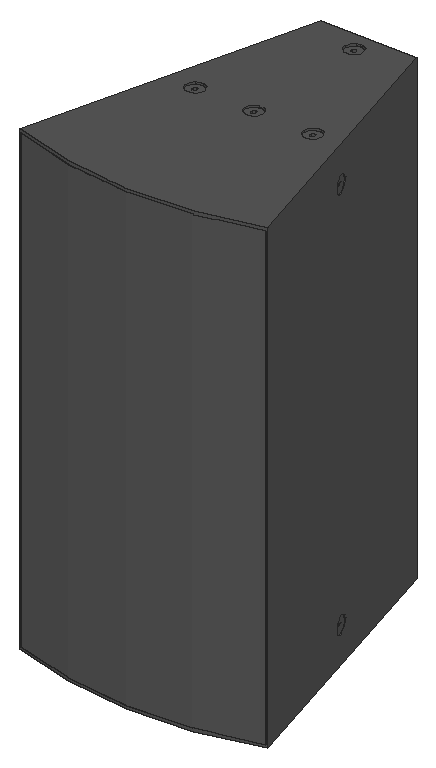
Revit family "1Electronics_Community-Point-Source_Biamp_Loudspeaker_IP6_1152", category Communication Devices, host Face, Revit 2020
Family settings
  Host = Face
  Maintain Annotation Orientation = No
  Round Connector Dimension = Use Diameter
  Part Type = Normal
  OmniClass Number = 23.85.10.11.14.14.14
  Cut with Voids When Loaded = No
  Shared = No
  Room Calculation Point = No
Parameters (values of type "Please download type catalogue!")
  Width = 1' - 4 1/2"  # constant formula
  Weight = 79.00 lbf  # constant formula
  URL = "https://www.biamp.com/"
  Transducers = "LF 1 x 15 (381mm) ferrite driver, 3 (76mm) voice coil; HF 1 x 1.4 (36mm) exit, 3 (76mm) voice coil, hybrid titanium polyimide diaphragm, ferrite compression driver"  # constant formula
  Shipping Weight = 92.00 lbf  # constant formula
  Recommended Amplifiers = "LF - 500W - 1000W @ 8 ohms, (63V - 89V); HF - 75W - 150W @ 8 ohms (24V - 35V)"  # constant formula
  Product data url = "https://www.bimobject.com/biamp/product/ip6-1152_community-point-source"
  Product Page URL = "https://www.biamp.com/products/product-families/community/point-source#ip6-1152"
  Product Documentation Link = ""
  Operating Range = ""
  Operating Mode = "Passive or Biamp with DSP"  # constant formula
  Operating Environment = "Indoor"  # constant formula
  Nominal Sensitivity = ""
  Nominal Maximum SPL (Whole Space) = ""
  Nominal Beamwidth (H x V) = ""
  Mounting Points = "15"  # constant formula
  Model = ""
  Manufacturer = "Biamp"  # constant formula
  Input Connection = "Screw terminal blocks (6-position)"  # constant formula
  Housing Material = Biamp - Plastic - Black
  Height = 2' - 6 205/256"  # constant formula
  Gril Material = Biamp - Plastic - Black(Grid)
  Equalized Sensitivity = "1W: 95 dB - 2.83V: 95 dB"  # constant formula
  Equalized Maximum SPL = "Peak: 129 dB - Continuous: 123 dB"  # constant formula
  Environmental = "MIL-STD-810G"  # constant formula
  Description = "IP6-1152 Medium Power 15-Inch Two-Way Installation Loudspeaker"  # constant formula
  Depth = 1' - 8 9/128"  # constant formula
  Default Elevation = 4' - 0"
  Continuous Power Handling  Nominal Impedance = "LF - 63V, 500W @ 8 ohms (2000W peak); HF - 24V, 75W @ 8 ohms (300W peak)"  # constant formula
Reference planes (in)
  plane 1 "Center (Front/Back)": y = 0
  plane 2: z = 0
  plane 3 "Center (Left/Right)": x = 0
  plane 4: y = 9.59333
Forms (in)
  Extrusion 1, solid, material "Biamp - Plastic - Black" <- "Housing Material", detail levels medium+fine
    sketch origin (0.06114, 0, 0) x (1, 0, 0) y (0, 1, 0)
      loop
        arc (-8.31114, -9.03386) -> (-0.07469, -10.47654) -> (8.18886, -9.19819) r 25.69511
        line (8.18886, -9.19819) -> (3.02372, 9.59333) -> (-3.34569, 9.59333) -> (-8.31114, -9.03386)
    from 0 to 30.79921
  Extrusion 2, void
    sketch origin (0.06114, -0.40824, 0) x (1, 0, 0) y (0, 1, 0)
      loop
        arc (8.0444, -8.63001) -> (-0.06191, -9.87156) -> (-8.14306, -8.47566) r 25.49826
        line (-8.14306, -8.47566) -> (-8.19568, -8.66575)
        arc (-8.19568, -8.66575) -> (-0.06099, -10.06843) -> (8.09869, -8.81934) r 25.69511
        line (8.09869, -8.81934) -> (8.0444, -8.63001)
    from 0.19685 to 30.60236
  Extrusion 3, void
    sketch origin (0, 0, 0) x (1, 0, 0) y (0, 1, 0)
      loop
        circle (-3.88574, 0) r 0.59055
      loop
        circle (0, 0) r 0.59055
      loop
        circle (3.88574, 0) r 0.59055
      loop
        circle (0, 8.26772) r 0.59055
    from 30.79921 to 30.70079
  Extrusion 4, void
    sketch origin (0, 0, 0) x (1, 0, 0) y (0, 1, 0)
      loop
        circle (-3.88574, 0) r 0.15748
      loop
        circle (0, 0) r 0.15748
      loop
        circle (3.88574, 0) r 0.15748
      loop
        circle (0, 8.26772) r 0.15748
    from 30.48425 to 30.70079
  Extrusion 5, void
    sketch origin (3.4754, 8.1725, -0.11969) x (-0.265036, 0.964239, 0) y (0, 0, -1)
      loop
        circle (-8.43473, -2.47439) r 0.59055
      loop
        circle (-8.43473, -28.5642) r 0.59055
    from 0 to 0.09843
  Extrusion 6, void
    sketch origin (3.4754, 8.1725, -0.11969) x (-0.265036, 0.964239, 0) y (0, 0, -1)
      loop
        circle (-8.43473, -2.47439) r 0.15748
      loop
        circle (-8.43473, -28.5642) r 0.15748
    from 0.09843 to 0.19685
  Extrusion 7, void
    sketch origin (-8.00858, -8.1282, -0.01138) x (-0.257575, -0.966258, 0) y (0, 0, -1)
      loop
        circle (-8.58908, -2.3454) r 0.59055
      loop
        circle (-8.58908, -28.47658) r 0.59055
    from 0 to 0.09843
  Extrusion 8, void
    sketch origin (-8.00858, -8.1282, -0.01138) x (-0.257575, -0.966258, 0) y (0, 0, -1)
      loop
        circle (-8.58908, -2.3454) r 0.15748
      loop
        circle (-8.58908, -28.47658) r 0.15748
    from 0.09843 to 0.19685
  Extrusion 9, solid, material "Biamp - Plastic - Black(Grid)" <- "Gril Material", detail levels medium+fine
    sketch origin (0.06114, 0, 0) x (1, 0, 0) y (0, 1, 0)
      loop
        line (8.09869, -9.22759) -> (8.0444, -9.03825)
        arc (8.0444, -9.03825) -> (-0.06191, -10.27981) -> (-8.14306, -8.8839) r 25.49826
        line (-8.14306, -8.8839) -> (-8.19568, -9.07399)
        arc (-8.19568, -9.07399) -> (-0.06099, -10.47667) -> (8.09869, -9.22759) r 25.69511
    from 0.19685 to 30.60236
  Extrusion 10, void
    sketch origin (-2.59558, 9.59333, 0) x (-1, 0, 0) y (0, 0, -1)
      loop
        circle (-2.65672, -14.34419) r 0.59055
      loop
        circle (-2.65672, -2.39197) r 0.59055
      loop
        circle (-2.65672, -28.40725) r 0.59055
    from 0 to 0.09843
  Extrusion 11, void
    sketch origin (-2.59558, 9.59333, 0) x (-1, 0, 0) y (0, 0, -1)
      loop
        circle (-2.65672, -14.34419) r 0.15748
      loop
        circle (-2.65672, -2.39197) r 0.15748
      loop
        circle (-2.65672, -28.40725) r 0.15748
    from 0 to 0.19685
  Extrusion 12, void
    sketch origin (-2.59558, 9.59333, 0) x (-1, 0, 0) y (0, 0, -1)
      loop
        line (-4.83035, -12.09383) -> (-0.49964, -12.09383) -> (-0.49964, -5.00722) -> (-4.83035, -5.00722) -> (-4.83035, -12.09383)
    from 0 to 0.19685
  Extrusion 13, solid, material "Biamp - Plastic - Black" <- "Housing Material", detail levels medium+fine
    sketch origin (-2.59558, 9.59333, 0) x (1, 0, 0) y (0, 0, -1)
      loop
        line (0.49964, -12.09383) -> (4.83035, -12.09383) -> (4.83035, -5.00722) -> (0.49964, -5.00722) -> (0.49964, -12.09383)
    from 0 to -0.19685
  Extrusion 14, solid, material "Biamp - Plastic - Black" <- "Housing Material", detail levels coarse
    sketch origin (0.06114, 0, 0) x (1, 0, 0) y (0, 1, 0)
      loop
        line (-3.34569, 9.59333) -> (-8.31114, -9.03386)
        arc (-8.31114, -9.03386) -> (-0.07469, -10.47654) -> (8.18886, -9.19819) r 25.69511
        line (8.18886, -9.19819) -> (3.02372, 9.59333) -> (-3.34569, 9.59333)
    from 0 to 30.79921
  Extrusion 15, solid, material "Biamp - Plastic - Black" <- "Housing Material", detail levels medium+fine
    sketch origin (-2.59558, 9.59333, 0) x (1, 0, 0) y (0, 0, -1)
      loop
        line (4.46661, -11.73413) -> (4.46661, -11.23413) -> (3.96661, -11.23413) -> (3.96661, -11.73413) -> (4.46661, -11.73413)
    from 0 to 0.00716
  Extrusion 16, solid, material "Biamp - Plastic - Black" <- "Housing Material", detail levels medium+fine
    sketch origin (-3.70994, 9.59333, -1) x (1, 0, 0) y (0, 0, -1)
      loop
        line (4.46661, -11.73413) -> (4.46661, -11.23413) -> (3.96661, -11.23413) -> (3.96661, -11.73413) -> (4.46661, -11.73413)
    from 0 to 0.00716
  Extrusion 17, solid, material "Biamp - Plastic - Black" <- "Housing Material", detail levels medium+fine
    sketch origin (-2.59558, 9.59333, -1) x (1, 0, 0) y (0, 0, -1)
      loop
        line (4.46661, -11.73413) -> (4.46661, -11.23413) -> (3.96661, -11.23413) -> (3.96661, -11.73413) -> (4.46661, -11.73413)
    from 0 to 0.00716
Cuts and joins
  Extrusion 2, Extrusion 3, Extrusion 4, Extrusion 5, Extrusion 6, Extrusion 7, Extrusion 8, Extrusion 10, Extrusion 11, Extrusion 12 cuts Extrusion 1
Lines and regions (in)
  Masking region 1
    outline origin (0.06114, 0, 0) x (1, 0, 0) y (0, 1, 0)
      loop
        line (-3.34569, 9.59333) -> (-8.31114, -9.03386)
        arc (-8.31114, -9.03386) -> (-0.07469, -10.47654) -> (8.18886, -9.19819) r 25.69511
        line (8.18886, -9.19819) -> (3.02372, 9.59333) -> (-3.34569, 9.59333)
  Masking region 2
    outline origin (0, 0, 0) x (1, 0, 0) y (0, 0, 1)
      loop
        line (-8.38193, 30.79921) -> (-8.38193, 0) -> (8.28586, 0) -> (8.28586, 30.79921) -> (-8.38193, 30.79921)
  Masking region 3, detail levels medium+fine
    outline origin (0, 0, 0) x (1, 0, 0) y (0, 0, 1)
      loop
        line (-8.19568, 30.60236) -> (-8.19568, 0.19685) -> (8.09869, 0.19685) -> (8.09869, 30.60236) -> (-8.19568, 30.60236)
  Masking region 4
    outline origin (0, 0, 0) x (0, 1, 0) y (0, 0, 1)
      loop
        line (9.59333, 30.79921) -> (-8.47566, 30.79921) -> (-8.47566, 0) -> (9.59333, 0) -> (9.59333, 30.79921)
  Masking region 5
    outline origin (0, 0, 0) x (0, 1, 0) y (0, 0, 1)
      loop
        line (-8.47566, 30.79921) -> (-10.07048, 30.79921) -> (-10.07048, 0) -> (-8.47566, 0) -> (-8.47566, 30.79921)
  symbolic lines, detail levels medium+fine
    curve 1: arc (-0.59055, 8.26772, 0) -> (0, 7.67717, 0) -> (0.59055, 8.26772, 0) r 0.59055
    curve 2: arc (0.59055, 8.26772, 0) -> (0, 8.85827, 0) -> (-0.59055, 8.26772, 0) r 0.59055
    curve 3: arc (-0.59055, 0, 0) -> (0, -0.59055, 0) -> (0.59055, 0, 0) r 0.59055
    curve 4: arc (0.59055, 0, 0) -> (0, 0.59055, 0) -> (-0.59055, 0, 0) r 0.59055
    curve 5: arc (-3.29519, 0, 0) -> (-3.88574, 0.59055, 0) -> (-4.47629, 0, 0) r 0.59055
    curve 6: arc (-4.47629, 0, 0) -> (-3.88574, -0.59055, 0) -> (-3.29519, 0, 0) r 0.59055
    curve 7: arc (3.29519, 0, 0) -> (3.88574, -0.59055, 0) -> (4.47629, 0, 0) r 0.59055
    curve 8: arc (4.47629, 0, 0) -> (3.88574, 0.59055, 0) -> (3.29519, 0, 0) r 0.59055
    curve 9: arc (-0.15748, 0, 0) -> (0, -0.15748, 0) -> (0.15748, 0, 0) r 0.15748
    curve 10: arc (0.15748, 0, 0) -> (0, 0.15748, 0) -> (-0.15748, 0, 0) r 0.15748
    curve 11: arc (-4.04322, 0, 0) -> (-3.88574, -0.15748, 0) -> (-3.72826, 0, 0) r 0.15748
    curve 12: arc (-3.72826, 0, 0) -> (-3.88574, 0.15748, 0) -> (-4.04322, 0, 0) r 0.15748
    curve 13: arc (4.04322, 0, 0) -> (3.88574, 0.15748, 0) -> (3.72826, 0, 0) r 0.15748
    curve 14: arc (3.72826, 0, 0) -> (3.88574, -0.15748, 0) -> (4.04322, 0, 0) r 0.15748
    curve 15: arc (0.15748, 8.26772, 0) -> (0, 8.4252, 0) -> (-0.15748, 8.26772, 0) r 0.15748
    curve 16: arc (-0.15748, 8.26772, 0) -> (0, 8.11024, 0) -> (0.15748, 8.26772, 0) r 0.15748
    curve 17: spline (0, -0.55086, 2.33402) -> (0, -0.53146, 2.48687) -> (0, -0.4746, 2.62929) -> (0, -0.38416, 2.7516) -> (0, -0.26628, 2.84545) -> (0, -0.12901, 2.90445) -> (0, 0.01829, 2.92457) -> (0, 0.1656, 2.90445) -> (0, 0.30287, 2.84545) -> (0, 0.42074, 2.7516) -> (0, 0.51119, 2.62929) -> (0, 0.56805, 2.48687) -> (0, 0.58744, 2.33402)
    curve 18: spline (0, 0.58744, 2.33402) -> (0, 0.56805, 2.18117) -> (0, 0.51119, 2.03874) -> (0, 0.42074, 1.91644) -> (0, 0.30287, 1.82259) -> (0, 0.1656, 1.76359) -> (0, 0.01829, 1.74347) -> (0, -0.12901, 1.76359) -> (0, -0.26628, 1.82259) -> (0, -0.38416, 1.91644) -> (0, -0.4746, 2.03874) -> (0, -0.53146, 2.18117) -> (0, -0.55086, 2.33402)
    curve 19: spline (0, 0.14381, 2.33402) -> (0, 0.13864, 2.29326) -> (0, 0.12347, 2.25528) -> (0, 0.09936, 2.22266) -> (0, 0.06792, 2.19764) -> (0, 0.03132, 2.18191) -> (0, -0.00796, 2.17654) -> (0, -0.04725, 2.18191) -> (0, -0.08385, 2.19764) -> (0, -0.11528, 2.22266) -> (0, -0.1394, 2.25528) -> (0, -0.15457, 2.29326) -> (0, -0.15974, 2.33402)
    curve 20: spline (0, -0.15974, 2.33402) -> (0, -0.15457, 2.37478) -> (0, -0.1394, 2.41276) -> (0, -0.11528, 2.44537) -> (0, -0.08385, 2.4704) -> (0, -0.04725, 2.48613) -> (0, -0.00796, 2.4915) -> (0, 0.03132, 2.48613) -> (0, 0.06792, 2.4704) -> (0, 0.09936, 2.44537) -> (0, 0.12347, 2.41276) -> (0, 0.13864, 2.37478) -> (0, 0.14381, 2.33402)
    curve 21: spline (0, -0.55086, 28.46519) -> (0, -0.53146, 28.31235) -> (0, -0.4746, 28.16992) -> (0, -0.38416, 28.04761) -> (0, -0.26628, 27.95376) -> (0, -0.12901, 27.89476) -> (0, 0.01829, 27.87464) -> (0, 0.1656, 27.89476) -> (0, 0.30287, 27.95376) -> (0, 0.42074, 28.04761) -> (0, 0.51119, 28.16992) -> (0, 0.56805, 28.31235) -> (0, 0.58744, 28.46519)
    curve 22: spline (0, 0.58744, 28.46519) -> (0, 0.56805, 28.61804) -> (0, 0.51119, 28.76047) -> (0, 0.42074, 28.88278) -> (0, 0.30287, 28.97663) -> (0, 0.1656, 29.03562) -> (0, 0.01829, 29.05574) -> (0, -0.12901, 29.03562) -> (0, -0.26628, 28.97663) -> (0, -0.38416, 28.88278) -> (0, -0.4746, 28.76047) -> (0, -0.53146, 28.61804) -> (0, -0.55086, 28.46519)
    curve 23: spline (0, 0.14381, 28.46519) -> (0, 0.13864, 28.50595) -> (0, 0.12347, 28.54393) -> (0, 0.09936, 28.57655) -> (0, 0.06792, 28.60158) -> (0, 0.03132, 28.61731) -> (0, -0.00796, 28.62267) -> (0, -0.04725, 28.61731) -> (0, -0.08385, 28.60158) -> (0, -0.11528, 28.57655) -> (0, -0.1394, 28.54393) -> (0, -0.15457, 28.50595) -> (0, -0.15974, 28.46519)
    curve 24: spline (0, -0.15974, 28.46519) -> (0, -0.15457, 28.42443) -> (0, -0.1394, 28.38645) -> (0, -0.11528, 28.35384) -> (0, -0.08385, 28.32881) -> (0, -0.04725, 28.31308) -> (0, -0.00796, 28.30771) -> (0, 0.03132, 28.31308) -> (0, 0.06792, 28.32881) -> (0, 0.09936, 28.35384) -> (0, 0.12347, 28.38645) -> (0, 0.13864, 28.42443) -> (0, 0.14381, 28.46519)
Dimensions and locks (in)
  aligned and locked: plane 2 to host face
  aligned and locked: level to host face
Connectors (in)
  electrical at (1.62103, 9.60048, 11.48413)
    settings: on Extrusion 15, index 1, voltage 69 V, apparent load 0 VA, apparent load phase1 2400 VA, apparent load phase2 0 VA, apparent load phase3 0 VA, power factor 1, load classification "Other", number of poles 1, system type 5, power factor state 1, is connector primary yes, connector utility no, sub classification motor no, connector description "Screw terminal blocks; Passive input"
  electrical at (0.50667, 9.60048, 10.48413)
    settings: on Extrusion 16, index 2, voltage 0 V, apparent load 0 VA, apparent load phase1 0 VA, apparent load phase2 0 VA, apparent load phase3 0 VA, power factor 1, load classification "Other", number of poles 1, system type 5, power factor state 1, is connector primary no, connector utility no, sub classification motor no, connector description "Screw terminal blocks; Biamp input"
  electrical at (1.62103, 9.60048, 10.48413)
    settings: on Extrusion 17, index 3, voltage 69 V, apparent load 0 VA, apparent load phase1 2400 VA, apparent load phase2 0 VA, apparent load phase3 0 VA, power factor 1, load classification "Other", number of poles 1, system type 5, power factor state 1, is connector primary no, connector utility no, sub classification motor no, connector description "Screw terminal blocks; Passive thru"
